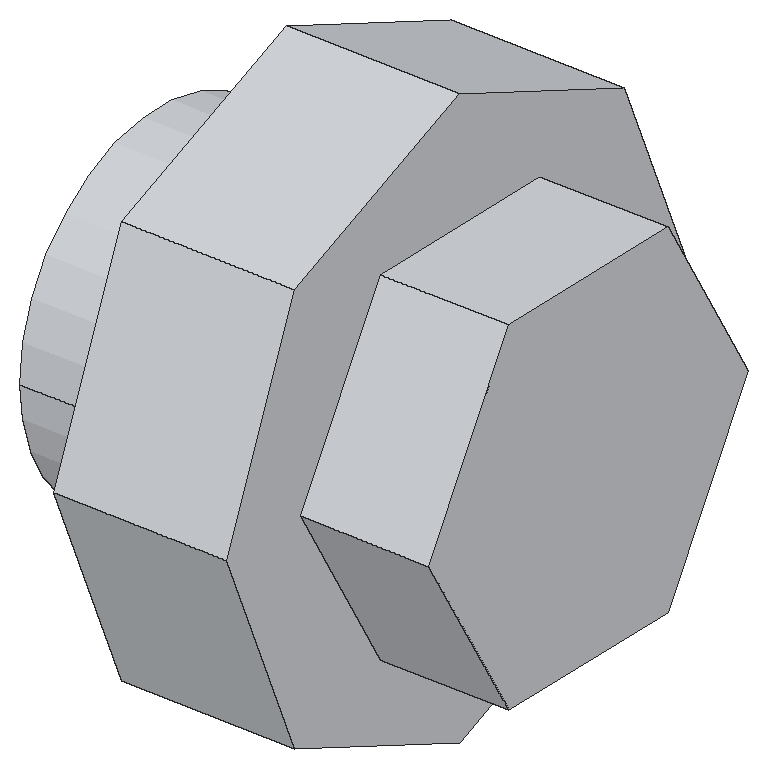
Revit family "União - 15-54 mm - Soldada - CU", category Conexões de tubo, Revit 2019
Family settings
  Cota do conector redondo = Usar raio
  Tipo de parte = União
  Com base no plano de trabalho = Não
  Sempre na vertical = Sim
  Corte com vazios quando carregada = Não
  Compartilhado = Não
Parameters (values of type "Padrão")
  Espessura da parede [instance] = size_lookup(Nome da tabela de pesquisa, "WThk", 0.01 * Diâmetro nominal + 0.4 mm, Diâmetro nominal)  # 1.01 mm
  Tamanho da marca de revisão [instance] = Diâmetro externo da conexão * 0.4  # 21.6 mm
  Largura do soquete [instance] = 0.65 * size_lookup(Nome da tabela de pesquisa, "SWid", 0.37 * Diâmetro nominal + 9.1 mm, Diâmetro nominal)  # 20.93 mm
  Raio 3 [instance] = Raio externo da conexão * 1.2  # 32.4 mm
  Raio 2 [instance] = Raio externo da conexão * 1.75  # 47.25 mm
  Nome da tabela de pesquisa = "BR_Union - 15-54 mm - Soldered - CU"
  Comprimento 5 [instance] = Raio 2 * (1 - sin(45.00°))  # 13.839 mm
  Comprimento 4 [instance] = Raio 2 * cos(45.00°)  # 33.411 mm
  Comprimento 3 [instance] = Raio 3 * (1 - sin(60.00°))  # 4.341 mm
  Comprimento 2 [instance] = Raio 3 * cos(60.00°)  # 16.2 mm
  Comprimento 1 [instance] = 0.4 * Largura do soquete  # 8.372 mm
  Comprimento [instance] = size_lookup(Nome da tabela de pesquisa, "Lgt", 0.95 * Diâmetro nominal + 19.7 mm, Diâmetro nominal)  # 70 mm
  Raio externo do soquete [instance] = Diâmetro externo do soquete / 2  # 28.01 mm
  Diâmetro externo do soquete [instance] = Diâmetro nominal + 2 * Espessura da parede  # 56.02 mm
  Raio nominal [instance] = 27 mm
  Diâmetro nominal [instance] = Raio nominal * 2  # 54 mm
  Método de perda = Coeficiente K da tabela
  Tabela de coeficiente K = "Redutor/Acoplamento/União/Redutor"
  Raio externo da conexão [instance] = Diâmetro externo da conexão / 2  # 27 mm
  Diâmetro externo da conexão [instance] = Diâmetro nominal  # 54 mm
Reference planes
  plane 1 "Centro (frente/trás)": y = 0
  plane 2: z = 0
  plane 3 "Centro (direita/esquerda)": x = 0
  plane 4: x = 35
  plane 5: y = 28.01
  plane 6: y = -28.01
  plane 7: x = -14.07
  plane 8: x = 14.07
  plane 9: y = 32.4
  plane 10: y = -32.4
  plane 11: z = 32.4
  plane 12: z = -32.4
  plane 13: z = 28.059
  plane 14: y = 16.2
  plane 15: y = -16.2
  plane 16: z = -28.059
  plane 17: z = 47.25
  plane 18: y = 47.25
  plane 19: z = -47.25
  plane 20: y = -47.25
  plane 21: z = 33.411
  plane 22: y = -33.411
  plane 23: y = 33.411
  plane 24: z = -33.411
  plane 25: x = -35
  plane 26: x = 0
Forms (mm)
  Sweep 1, solid, detail levels fine
    path origin (0, 0, 0) x (1, 0, 0) y (0, 1, 0)
      loop
        line (-35, 0) -> (-14.07, 0)
    profile origin (-24.535, 0, 0) x (0, 1, 0) y (0, 0, 1)
      loop
        circle (0, 0) r 28.01
  Extrusion 2, solid, detail levels fine
    sketch origin (-35, 70, 1219.2) x (0, 1, 0) y (0, 0, 1)
      loop
        line (-117.25, -1219.2) -> (-103.411, -1252.611) -> (-70, -1266.45) -> (-36.589, -1252.611) -> (-22.75, -1219.2) -> (-36.589, -1185.789) -> (-70, -1171.95) -> (-103.411, -1185.789) -> (-117.25, -1219.2)
    from 20.93 to 49.07
  Extrusion 3, solid, detail levels fine
    sketch origin (-35, 70, 1219.2) x (0, 1, 0) y (0, 0, 1)
      loop
        line (-53.8, -1191.141) -> (-86.2, -1191.141) -> (-102.4, -1219.2) -> (-86.2, -1247.259) -> (-53.8, -1247.259) -> (-37.6, -1219.2) -> (-53.8, -1191.141)
    from 49.07 to 70
Cuts and joins
  joined: Sweep 1, Extrusion 2, Extrusion 3
Lines and regions (mm)
  model lines, detail levels coarse+medium
    curve 1: line (-35, 0, 0) -> (35, 0, 0)
    curve 2: line (-35, 0, 0) -> (-35, 21.6, 0)
    curve 3: line (-35, 0, 0) -> (-35, -21.6, 0)
    curve 4: line (35, 0, 0) -> (35, 21.6, 0)
    curve 5: line (35, 0, 0) -> (35, -21.6, 0)
Dimensions and locks
  "Comprimento": plane 25 to plane 4
  "Raio externo do soquete": plane 5 to plane 1 "Centro (frente/trás)"
  equal spacing: plane 5, plane 1 "Centro (frente/trás)", plane 6
  "Largura do soquete": plane 25 to plane 7
  "Raio 3": plane 9 to plane 1 "Centro (frente/trás)"
  "Raio 3": plane 1 "Centro (frente/trás)" to plane 10
  "Raio 3": plane 11 to plane 2
  "Raio 3": plane 12 to plane 2
  "Comprimento 3": plane 11 to plane 13
  "Comprimento 2": plane 14 to plane 1 "Centro (frente/trás)"
  "Comprimento 2": plane 1 "Centro (frente/trás)" to plane 15
  "Comprimento 3": plane 12 to plane 16
  "Tamanho da marca de revisão": plane 1 "Centro (frente/trás)" to curve 2
  "Tamanho da marca de revisão": curve 3 to plane 1 "Centro (frente/trás)"
  "Tamanho da marca de revisão": plane 1 "Centro (frente/trás)" to curve 4
  "Tamanho da marca de revisão": curve 5 to plane 1 "Centro (frente/trás)"
  "Raio 2": plane 17 to plane 2
  "Raio 2": plane 20 to plane 1 "Centro (frente/trás)"
  "Raio 2": plane 1 "Centro (frente/trás)" to plane 18
  "Raio 2": plane 19 to plane 2
  "Comprimento 4": plane 1 "Centro (frente/trás)" to plane 23
  "Comprimento 4": plane 22 to plane 1 "Centro (frente/trás)"
  "Comprimento 5": plane 17 to plane 21
  "Comprimento 5": plane 19 to plane 24
  "Largura do soquete": plane 8 to plane 4
  equal spacing: plane 25, plane 26, plane 4
  "Raio externo do soquete": radius of Sweep 1 sketch curve
  aligned and locked: plane 8 to Extrusion 2
  aligned and locked: Extrusion 3 sketch curve to plane 13  (x2)
  aligned and locked: plane 14 to Extrusion 3 sketch curve  (x2)
  aligned and locked: Extrusion 3 sketch curve to plane 15
  aligned and locked: Extrusion 3 sketch curve to plane 16  (x2)
  aligned and locked: plane 15 to Extrusion 3 sketch curve
  aligned and locked: plane 9 to Extrusion 3 sketch curve
  aligned and locked: plane 2 to Extrusion 3 sketch curve  (x2)
  aligned and locked: plane 10 to Extrusion 3 sketch curve
  aligned and locked: Extrusion 3 to plane 8
  aligned and locked: plane 4 to Extrusion 3
  aligned and locked: plane 1 "Centro (frente/trás)" to curve 1
  aligned and locked: curve 5 to plane 4
  aligned and locked: cut or joined group of Sweep 1, Extrusion 2, Extrusion 3 to plane 7
  aligned and locked: plane 25 to Sweep 1 sketch curve
  aligned and locked: curve 3 to plane 25
  aligned and locked: plane 3 "Centro (direita/esquerda)" to plane 26
Automatic sketch dimensions
  Sweep 1 sketch curve to level = 0 mm
  Sweep 1 sketch curve to profile plane = 0 mm
  plane 1 "Centro (frente/trás)" to Sweep 1 sketch curve = 0 mm
  Sweep 1 sketch curve to plane 7 = 0 mm
  Extrusion 2 sketch curve to level = 0 mm  (x2)
  Extrusion 2 sketch curve to plane 20 = 0 mm
  Extrusion 2 sketch curve to plane 21 = 0 mm
  Extrusion 2 sketch curve to plane 22 = 0 mm  (x2)
  Extrusion 2 sketch curve to plane 1 "Centro (frente/trás)" = 0 mm  (x2)
  Extrusion 2 sketch curve to plane 23 = 0 mm  (x2)
  plane 21 to Extrusion 2 sketch curve = 0 mm
  Extrusion 2 sketch curve to plane 18 = 0 mm
  plane 19 to Extrusion 2 sketch curve = 0 mm
  Extrusion 2 sketch curve to plane 24 = 0 mm
  plane 24 to Extrusion 2 sketch curve = 0 mm
  Extrusion 2 sketch curve to plane 17 = 0 mm
Connectors
  piping at (-35, 0, 0), diameter 54, driven by "Raio nominal"
    settings: on Sweep 1, index 1, connector inside diameter 54 mm, connector length 0 mm, flow factor 0, pipe flow 0.0 L/s, pressure drop 0.0 Pa, fitting loss kfactor 0, connector angle 0.00°, fixture units 0, engagement length 0 mm, angle of deflection 0.00°, flow configuration 0, flow direction 0, fitting loss method 0, system type 28, joint type 0, gender type 0, connector reference index 2, connector utility 0, adjustable connector no, is connector primary yes, connector description ""
  piping at (35, 0, 0), diameter 54, driven by "Raio nominal"
    settings: on Extrusion 3, index 2, connector inside diameter 54 mm, connector length 0 mm, flow factor 0, pipe flow 0.0 L/s, pressure drop 0.0 Pa, fitting loss kfactor 0, connector angle 0.00°, fixture units 0, engagement length 0 mm, angle of deflection 0.00°, flow configuration 0, flow direction 0, fitting loss method 0, system type 28, joint type 0, gender type 0, connector reference index 1, connector utility 0, adjustable connector no, is connector primary no, connector description ""
